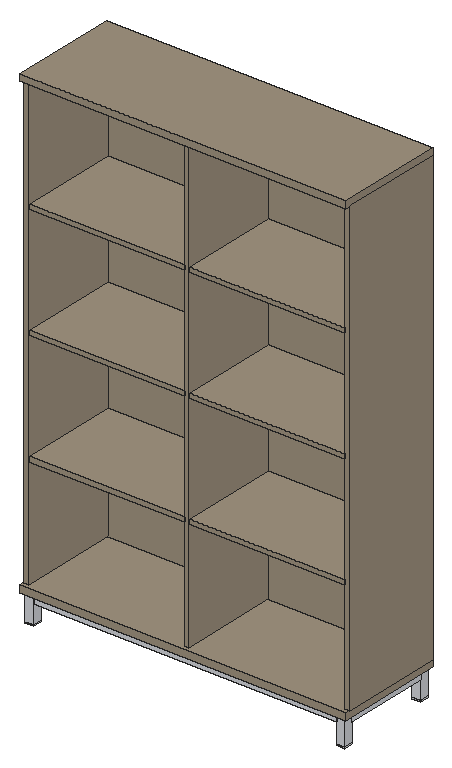
Revit family "Open Fronted Modular Storage With Wooden Door Options", category Furniture, Revit 2020
Family settings
  OmniClass Number = 23.40.20.00
  OmniClass Title = General Furniture and Specialties
  Work Plane-Based = No
  Always vertical = Yes
  Cut with Voids When Loaded = No
  Shared = No
  Room Calculation Point = No
Parameters (values of type "BOF18Z")
  Width = 1200 mm
  URL = "www.gof.co.uk"
  Shelves = Gresham - ELM
  Range = "STORAGE"
  Product Data Specification = ""
  Product Code = "BOF18Z"
  Product Brochure = ""
  Model = "BOOKCASE"
  Manufacturer = "Gresham Office Furniture"  # constant formula
  Height = 1816 mm
  HD4 - Level 1 [instance] = no
  HD3 - Level 1 [instance] = no
  HD2 - Level 3 [instance] = no
  HD2 - Level 1 [instance] = no
  HD1 - Level 4 [instance] = no
  HD1 - Level 3 [instance] = no
  HD1 - Level 2 [instance] = no
  HD1 - Level 1 [instance] = no
  Doors = Gresham - PLUM
  Default Elevation = 0 mm
  Carcass = Gresham - ELM
  Depth = 400 mm
  BOF18Z Shelves = yes
  BOF10Z Shelves = yes
  BOF14Z Shelves = yes
Reference planes
  plane 1 "Center (Front/Back)": y = 0
  plane 2: z = 0
  plane 3 "Center (Left/Right)": x = 0
  plane 4: x = -600
  plane 5: x = 600
  plane 6: y = 200
  plane 7 "Front": y = -200
  plane 8 "Storage Top": z = 1816
  plane 9: z = 1803.5
  plane 10 "Door Front": y = -182
  plane 11: z = 112.5
  plane 12: z = 1791
  plane 13: z = 1400
  plane 14: z = 984
  plane 15: z = 959
  plane 16: z = 1375
  plane 17: z = 125
  plane 18: z = 100
Forms (mm)
  Extrusion 1, solid, material "Gresham - ELM" <- "Carcass"
    sketch origin (0, -5.525, 5) x (-1, 0, 0) y (0, -1, 0)
      loop
        line (582, -205.525) -> (582, -187.525) -> (-582, -187.525) -> (-582, -205.525) -> (582, -205.525)
    from 120 to 1786
  Extrusion 2, solid, material "Gresham - ELM" <- "Carcass"
    sketch origin (0, 0, 0) x (1, 0, 0) y (0, 1, 0)
      loop
        line (-600, 200) -> (-600, -182) -> (-582, -182) -> (-582, 200) -> (-600, 200)
      loop
        line (600, 200) -> (582, 200) -> (582, -182) -> (600, -182) -> (600, 200)
    from 125 to 1791
  Extrusion 3, solid, material "Gresham - ELM" <- "Carcass"
    sketch origin (0, 7, -5) x (0, 1, 0) y (0, 0, 1)
      loop
        line (-207, 1796) -> (193, 1796) -> (193, 1821) -> (-207, 1821) -> (-207, 1796)
    from -600 to 600
  Extrusion 4, solid, material "Gresham - ELM" <- "Carcass"
    sketch origin (0, -6.874, 39) x (0, 1, 0) y (0, 0, 1)
      loop
        line (-193.126, 61) -> (206.874, 61) -> (206.874, 86) -> (-193.126, 86) -> (-193.126, 61)
    from -600 to 600
  Extrusion 5, solid, material "Gresham - ELM" <- "Carcass"
    sketch origin (-8.088, 0, 0) x (1, 0, 0) y (0, 1, 0)
      loop
        line (17.088, 182) -> (-0.912, 182) -> (-0.912, -182) -> (17.088, -182) -> (17.088, 182)
    from 125 to 1791
  Extrusion 6, solid, material "Gresham - ELM" <- "Shelves", visible <- "BOF10Z Shelves"
    sketch origin (0, -6, -27.312) x (0, 1, 0) y (0, 0, -1)
      loop
        line (188, -578.312) -> (188, -560.312) -> (-176, -560.312) -> (-176, -578.312) -> (188, -578.312)
    from -582 to -9
  Extrusion 7, solid, material "Gresham - ELM" <- "Shelves", visible <- "BOF10Z Shelves"
    sketch origin (0, -6, -27.312) x (0, 1, 0) y (0, 0, 1)
      loop
        line (188, 578.312) -> (-176, 578.312) -> (-176, 560.312) -> (188, 560.312) -> (188, 578.312)
    from -582 to -9
  Extrusion 8, solid, material "Gresham - ELM" <- "Shelves", visible <- "BOF14Z Shelves"
    sketch origin (0, -6, 667.022) x (0, 1, 0) y (0, 0, -1)
      loop
        line (188, -716.978) -> (188, -698.978) -> (-176, -698.978) -> (-176, -716.978) -> (188, -716.978)
    from -582 to -9
  Extrusion 9, solid, material "Gresham - ELM" <- "Shelves", visible <- "BOF14Z Shelves"
    sketch origin (0, -6, 667.022) x (0, 1, 0) y (0, 0, 1)
      loop
        line (188, 716.978) -> (-176, 716.978) -> (-176, 698.978) -> (188, 698.978) -> (188, 716.978)
    from -582 to -9
  Extrusion 10, solid, material "Gresham - ELM" <- "Shelves", visible <- "BOF14Z Shelves"
    sketch origin (0, -6, 389.188) x (0, 1, 0) y (0, 0, -1)
      loop
        line (188, -578.312) -> (188, -560.312) -> (-176, -560.312) -> (-176, -578.312) -> (188, -578.312)
    from -582 to -9
  Extrusion 11, solid, material "Gresham - ELM" <- "Shelves", visible <- "BOF14Z Shelves"
    sketch origin (0, -6, 389.188) x (0, 1, 0) y (0, 0, 1)
      loop
        line (188, 578.312) -> (-176, 578.312) -> (-176, 560.312) -> (188, 560.312) -> (188, 578.312)
    from -582 to -9
Dimensions and locks
  equal spacing: plane 4, plane 3 "Center (Left/Right)", plane 5
  "Width": plane 4 to plane 5
  equal spacing: plane 6, plane 1 "Center (Front/Back)", plane 7 "Front"
  locked: Extrusion 2 to Extrusion 2 at 18  (x2)
  Extrusion 3 sketch curve to Extrusion 3 sketch curve = 25 mm
  "Depth": plane 6 to plane 7 "Front"
  Extrusion 2 to plane 7 "Front" = 18 mm
  "Height": plane 8 "Storage Top" to plane 2
  locked: Extrusion 3 to Extrusion 3 at 25
  locked: Extrusion 1 to Extrusion 1 at 18
  locked: plane 8 "Storage Top" to plane 9 at 12.5
  equal spacing: Extrusion 5, plane 3 "Center (Left/Right)", Extrusion 5
  locked: Extrusion 5 to Extrusion 5 at 18
  locked: plane 10 "Door Front" to plane 7 "Front" at 18
  Extrusion 4 sketch curve to Extrusion 4 sketch curve = 25 mm
  equal spacing: Extrusion 4, plane 11, Extrusion 4
  locked: Extrusion 4 to Extrusion 4 at 25
  locked: plane 11 to level at 112.5
  locked: plane 8 "Storage Top" to plane 12 at 25
  plane 12 to plane 11 = 1678.5 mm  (x2)
  locked: plane 13 to level at 1400
  locked: plane 14 to level at 984
  locked: plane 14 to plane 15 at 25
  locked: plane 13 to plane 16 at 25
  locked: plane 17 to plane 18 at 25
  locked: Extrusion 6 to Extrusion 6 at 18  (x2)
  locked: Extrusion 7 to Extrusion 7 at 18  (x2)
  locked: Extrusion 8 to Extrusion 8 at 18  (x2)
  locked: Extrusion 9 to Extrusion 9 at 18  (x2)
  locked: Extrusion 10 to Extrusion 10 at 18  (x2)
  locked: Extrusion 11 to Extrusion 11 at 18  (x2)
  plane 12 to nested 7 = 4 mm
  aligned and locked: level to plane 2
  aligned and locked: Extrusion 2 to plane 5
  aligned and locked: Extrusion 2 to plane 4
  aligned and locked: Extrusion 2 to Extrusion 1
  aligned and locked: Extrusion 1 to Extrusion 2  (x3)
  aligned and locked: Extrusion 3 to plane 5
  aligned and locked: Extrusion 3 to plane 4
  aligned and locked: Extrusion 2 to Extrusion 3
  aligned and locked: Extrusion 3 to plane 7 "Front"
  aligned and locked: plane 8 "Storage Top" to Extrusion 3
  aligned and locked: plane 6 to Extrusion 3
  aligned and locked: plane 6 to Extrusion 2  (x2)
  aligned and locked: plane 6 to Extrusion 1
  aligned and locked: plane 6 to Extrusion 4
  aligned and locked: Extrusion 5 sketch curve to Extrusion 1
  aligned and locked: Extrusion 1 to Extrusion 5  (x2)
  aligned and locked: Extrusion 4 to plane 7 "Front"
Automatic sketch dimensions
  Extrusion 1 sketch curve to plane 6 = 0 mm
  plane 5 to Extrusion 1 sketch curve = 18 mm
  plane 4 to Extrusion 1 sketch curve = 18 mm
  Extrusion 1 sketch curve to Extrusion 1 sketch curve = 18 mm
  Extrusion 2 sketch curve to plane 4 = 0 mm
  Extrusion 2 sketch curve to plane 6 = 0 mm  (x2)
  plane 10 "Door Front" to Extrusion 2 sketch curve = 0 mm  (x2)
  Extrusion 2 sketch curve to plane 5 = 0 mm
  plane 4 to Extrusion 2 sketch curve = 18 mm
  plane 5 to Extrusion 2 sketch curve = 18 mm
  Extrusion 3 sketch curve to plane 7 "Front" = 0 mm
  Extrusion 3 sketch curve to plane 6 = 0 mm
  Extrusion 3 sketch curve to plane 12 = 0 mm
  Extrusion 4 sketch curve to plane 7 "Front" = 0 mm
  Extrusion 4 sketch curve to plane 6 = 0 mm
  Extrusion 4 sketch curve to plane 18 = 0 mm
  plane 10 "Door Front" to Extrusion 5 sketch curve = 0 mm
  Extrusion 5 sketch curve to plane 3 "Center (Left/Right)" = 9 mm
  plane 3 "Center (Left/Right)" to Extrusion 5 sketch curve = 9 mm
  Extrusion 6 sketch curve to plane 10 "Door Front" = 0 mm
  Extrusion 6 sketch curve to plane 6 = 18 mm
  Extrusion 6 sketch curve to plane 15 = 408 mm
  Extrusion 6 sketch curve to Extrusion 6 sketch curve = 18 mm
  Extrusion 7 sketch curve to plane 10 "Door Front" = 0 mm
  Extrusion 7 sketch curve to plane 6 = 18 mm
  plane 17 to Extrusion 7 sketch curve = 408 mm
  Extrusion 7 sketch curve to Extrusion 7 sketch curve = 18 mm
  Extrusion 8 sketch curve to plane 10 "Door Front" = 0 mm
  Extrusion 8 sketch curve to plane 6 = 18 mm
  Extrusion 8 sketch curve to plane 16 = 9 mm
  plane 16 to Extrusion 8 sketch curve = 9 mm
  Extrusion 9 sketch curve to plane 10 "Door Front" = 0 mm
  Extrusion 9 sketch curve to plane 6 = 18 mm
  plane 16 to Extrusion 9 sketch curve = 9 mm
  Extrusion 9 sketch curve to plane 16 = 9 mm
  Extrusion 10 sketch curve to plane 10 "Door Front" = 0 mm
  Extrusion 10 sketch curve to plane 6 = 18 mm
  plane 15 to Extrusion 10 sketch curve = 8.5 mm
  Extrusion 10 sketch curve to plane 15 = 9.5 mm
  Extrusion 11 sketch curve to plane 10 "Door Front" = 0 mm
  Extrusion 11 sketch curve to plane 6 = 18 mm
  Extrusion 11 sketch curve to plane 15 = 9.5 mm
  plane 15 to Extrusion 11 sketch curve = 8.5 mm
Nested families
  nested 1: "Modular Storage Frame" at (0, 0, 0), type "Modular Storage Frame"
  nested 2: "Hinged Locking Wooden Doors - HD1 - Level 1" at (0, 0, 0), visible <- "HD1 - Level 1", type "Hinged Locking Wooden Doors - HD1 - Level 1"
    with Handle Type D no, Handle Type C yes
  nested 3: "Hinged Locking Wooden Doors - HD1 - Level 3" at (0, 0, 0), type "Hinged Locking Wooden Doors - HD1 - Level 3", not visible
    with Handle Type D no, Handle Type C no, Handle Type B no
  nested 4: "Hinged Locking Wooden Doors - HD1 - Level 2" at (0, 0, 0), visible <- "HD1 - Level 2", type "Hinged Locking Wooden Doors - HD1 - Level 2"
    with Handle Type D no, Handle Type C yes, Handle Type B no
  nested 5: "Hinged Locking Wooden Doors - HD1 - Level 4" at (0, 0, 0), visible <- "HD1 - Level 4", type "Hinged Locking Wooden Doors - HD1 - Level 4"
    with Handle Type D no, Handle Type C yes, Handle Type B no
  nested 6: "Hinged Locking Wooden Doors - HD1 - Level 3" at (0, 0, 0), visible <- "HD1 - Level 3", type "Hinged Locking Wooden Doors - HD1 - Level 3"
    with Handle Type D no, Handle Type C yes, Handle Type B no
  nested 7: "Hinged Locking Wooden Doors - HD2 - Level 3" at (0, 0, 0), visible <- "HD2 - Level 3", type "Hinged Locking Wooden Doors - HD2 - Level 3"
    with Handle Type D no, Handle Type C yes, Handle Type B no
  nested 8: "Hinged Locking Wooden Doors - HD2 - Level 1" at (0, 0, 0), visible <- "HD2 - Level 1", type "Hinged Locking Wooden Doors - HD2 - Level 1"
  nested 9: "Hinged Locking Wooden Doors - HD3 - Level 1" at (0, 0, 0), visible <- "HD3 - Level 1", type "Hinged Locking Wooden Doors - HD3 - Level 1"
    with Handle Type D no, Handle Type C yes, Handle Type B no
  nested 10: "Hinged Locking Wooden Doors - HD4 - Level 1" at (0, 0, 0), visible <- "HD4 - Level 1", type "Hinged Locking Wooden Doors - HD4 - Level 1"
Definition of nested family "Modular Storage Frame"
  Parameters (values of type "Modular Storage Frame")
    Width = 1180 mm
    URL = "www.gof.co.uk"
    Frame = none
    Range = "STORAGE"
    Product Data Specification = ""
    Product Code = ""
    Product Brochure = ""
    Model = "MODULAR STORAGE"
    Manufacturer = "Gresham Office Furniture"  # constant formula
    Foot = none
    Depth = 380 mm
    Default Elevation = 0 mm
  Reference planes
    plane 1 "Center (Front/Back)": y = 0
    plane 2: z = 0
    plane 3 "Center (Left/Right)": x = 0
    plane 4: x = -590
    plane 5: x = 590
    plane 6: y = 190
    plane 7: y = -190
  Forms (mm)
    Extrusion 1, solid, material <- "Frame"
      sketch origin (76, -5.525, 0) x (-1, 0, 0) y (0, -1, 0)
        loop
          line (634, -195.525) -> (634, -170.525) -> (-482, -170.525) -> (-482, -195.525) -> (634, -195.525)
        loop
          line (634, 184.475) -> (-482, 184.475) -> (-482, 159.475) -> (634, 159.475) -> (634, 184.475)
        loop
          line (-514, -163.525) -> (-489, -163.525) -> (-489, 152.475) -> (-514, 152.475) -> (-514, -163.525)
        loop
          line (666, -163.525) -> (666, 152.475) -> (641, 152.475) -> (641, -163.525) -> (666, -163.525)
      from 75 to 100
    Extrusion 2, solid, material <- "Frame"
      sketch origin (0, 0, 0) x (1, 0, 0) y (0, 1, 0)
        loop
          line (590, -190) -> (590, -158) -> (558, -158) -> (558, -190) -> (590, -190)
        loop
          line (590, 190) -> (558, 190) -> (558, 158) -> (590, 158) -> (590, 190)
        loop
          line (-590, -190) -> (-558, -190) -> (-558, -158) -> (-590, -158) -> (-590, -190)
        loop
          line (-590, 190) -> (-590, 158) -> (-558, 158) -> (-558, 190) -> (-590, 190)
      from 5 to 100
    Extrusion 3, solid, material <- "Foot"
      sketch origin (0, 0, 0) x (1, 0, 0) y (0, 1, 0)
        loop
          line (590, 190) -> (558, 190) -> (558, 158) -> (590, 158) -> (590, 190)
        loop
          line (590, -158) -> (558, -158) -> (558, -190) -> (590, -190) -> (590, -158)
        loop
          line (-590, -190) -> (-558, -190) -> (-558, -158) -> (-590, -158) -> (-590, -190)
        loop
          line (-590, 190) -> (-590, 158) -> (-558, 158) -> (-558, 190) -> (-590, 190)
      from 0 to 5
  Dimensions and locks
    equal spacing: plane 4, plane 3 "Center (Left/Right)", plane 5
    "Width": plane 4 to plane 5
    equal spacing: plane 6, plane 1 "Center (Front/Back)", plane 7
    "Depth": plane 6 to plane 7
    Extrusion 2 sketch curve to Extrusion 2 sketch curve = 32 mm  (x7)
    locked: Extrusion 1 to Extrusion 1 at 25
    locked: Extrusion 2 to plane 5 at 32  (x2)
    locked: Extrusion 2 to Extrusion 2 at 32
    locked: plane 6 to Extrusion 2 at 32  (x2)
    locked: plane 4 to Extrusion 2 at 32  (x2)
    locked: Extrusion 2 to plane 7 at 32
    locked: Extrusion 1 to plane 5 at 25
    locked: plane 4 to Extrusion 1 at 25
    Extrusion 1 to plane 2 = 100 mm
    aligned and locked: level to plane 2
    aligned and locked: Extrusion 2 to Extrusion 1
    aligned and locked: plane 6 to Extrusion 1
    aligned and locked: Extrusion 1 sketch curve to Extrusion 2
    aligned and locked: Extrusion 2 to Extrusion 1 sketch curve
  Automatic sketch dimensions
    Extrusion 1 sketch curve to plane 5 = 0 mm
    Extrusion 1 sketch curve to plane 7 = 0 mm
    Extrusion 1 sketch curve to plane 4 = 0 mm
    Extrusion 1 sketch curve to plane 6 = 0 mm
    Extrusion 1 sketch curve to Extrusion 1 sketch curve = 7 mm  (x5)
    plane 4 to Extrusion 1 sketch curve = 32 mm
    Extrusion 1 sketch curve to Extrusion 1 sketch curve = 25 mm  (x2)
    plane 7 to Extrusion 1 sketch curve = 32 mm  (x2)
    Extrusion 3 sketch curve to plane 4 = 0 mm  (x2)
    Extrusion 3 sketch curve to plane 7 = 0 mm  (x2)
    Extrusion 3 sketch curve to plane 6 = 0 mm  (x2)
    Extrusion 3 sketch curve to plane 5 = 0 mm  (x2)
    Extrusion 3 sketch curve to Extrusion 3 sketch curve = 32 mm  (x5)
    plane 7 to Extrusion 3 sketch curve = 32 mm
    Extrusion 3 sketch curve to plane 6 = 32 mm  (x2)
    Extrusion 2 sketch curve to plane 4 = 0 mm  (x2)
    Extrusion 2 sketch curve to plane 6 = 0 mm  (x2)
    Extrusion 2 sketch curve to plane 7 = 0 mm  (x2)
    Extrusion 2 sketch curve to plane 5 = 0 mm  (x2)
    Extrusion 2 sketch curve to Extrusion 2 sketch curve = 32 mm
Definition of nested family "Hinged Locking Wooden Doors - HD1 - Level 1"
  Parameters (values of type "Hinged Locking Wooden Doors - HD1 - Level 1")
    Width = 1200 mm
    URL = "www.gof.co.uk"
    Shelves = none
    Range = "STORAGE"
    Product Data Specification = ""
    Product Code = "HD1"
    Product Brochure = ""
    Model = "BOOKCASE"
    Manufacturer = "Gresham Office Furniture"  # constant formula
    Height = 1816 mm
    Handle Type D [instance] = no
    Handle Type C [instance] = yes
    Handle Type B [instance] = no
    HD1 - Lock = yes
    Doors = none
    Default Elevation = 0 mm
    Carcass = none
    Depth = 400 mm
  Reference planes
    plane 1 "Center (Front/Back)": y = 0
    plane 2: z = 0
    plane 3 "Center (Left/Right)": x = 0
    plane 4: x = -600
    plane 5: x = 600
    plane 6: y = 200
    plane 7 "Front": y = -200
    plane 8 "Storage Top": z = 1816
    plane 9: z = 1803.5
    plane 10 "Door Front": y = -182
    plane 11: z = 112.5
    plane 12: z = 1791
    plane 13: z = 1400
    plane 14: z = 984
    plane 15: z = 959
    plane 16: z = 1375
    plane 17: z = 125
    plane 18: z = 100
  Forms (mm)
    Extrusion 1, solid, material <- "Doors", visible <- "HD1 - Lock"
      sketch origin (-839.743, -182, 703.9) x (1, 0, 0) y (0, 0, 1)
        loop
          line (840.743, -575.4) -> (1439.743, -575.4) -> (1439.743, -163.4) -> (840.743, -163.4) -> (840.743, -575.4)
      from 0 to 18
    Extrusion 2, solid, visible <- "HD1 - Lock"
      sketch origin (0, 0, 0) x (-1, 0, 0) y (0, 0, -1)
        loop
          circle (-43, -457) r 10
      from 200 to 202
    Extrusion 3, solid, material <- "Doors", visible <- "HD1 - Lock"
      sketch origin (839.743, -182, 703.9) x (-1, 0, 0) y (0, 0, -1)
        loop
          line (840.743, 575.4) -> (840.743, 163.4) -> (1439.743, 163.4) -> (1439.743, 575.4) -> (840.743, 575.4)
      from 0 to 18
    Extrusion 4, solid, visible <- "HD1 - Lock"
      sketch origin (0, 0, 0) x (1, 0, 0) y (0, 0, 1)
        loop
          circle (-43, 457) r 10
      from 200 to 202
  Dimensions and locks
    equal spacing: plane 4, plane 3 "Center (Left/Right)", plane 5
    "Width": plane 4 to plane 5
    equal spacing: plane 6, plane 1 "Center (Front/Back)", plane 7 "Front"
    "Depth": plane 6 to plane 7 "Front"
    "Height": plane 8 "Storage Top" to plane 2
    locked: plane 8 "Storage Top" to plane 9 at 12.5
    locked: plane 10 "Door Front" to plane 7 "Front" at 18
    locked: plane 11 to level at 112.5
    locked: plane 8 "Storage Top" to plane 12 at 25
    plane 12 to plane 11 = 1678.5 mm  (x2)
    locked: plane 13 to level at 1400
    locked: plane 14 to level at 984
    locked: plane 14 to plane 15 at 25
    locked: plane 13 to plane 16 at 25
    locked: plane 17 to plane 18 at 25
    locked: Extrusion 1 to Extrusion 1 at 412
    locked: Extrusion 1 to Extrusion 1 at 18
    locked: Extrusion 1 sketch curve to plane 3 "Center (Left/Right)" at 1
    locked: Extrusion 1 to nested 1 at 83.5
    locked: Extrusion 1 to nested 2 at 99
    locked: Extrusion 1 to nested 2 at 83.5
    locked: Extrusion 1 to nested 1 at 99
    locked: Extrusion 1 to nested 3 at 83.5
    locked: Extrusion 1 to nested 3 at 99
    locked: Extrusion 3 to Extrusion 3 at 412
    locked: Extrusion 3 to Extrusion 3 at 18
    locked: Extrusion 3 to nested 3 at 83.5
    locked: Extrusion 3 to nested 6 at 99
    locked: Extrusion 3 to nested 6 at 83.5
    locked: Extrusion 3 to nested 4 at 83.5
    locked: Extrusion 3 to nested 4 at 99
    locked: Extrusion 3 to nested 5 at 83.5
    locked: Extrusion 3 to nested 5 at 99
    locked: Extrusion 1 to plane 17 at 3.5
    aligned and locked: level to plane 2
    aligned and locked: Extrusion 2 sketch curve to nested 1
    aligned and locked: nested 6 to Extrusion 4 sketch curve
  Automatic sketch dimensions
    plane 5 to Extrusion 1 sketch curve = 0 mm
    plane 17 to Extrusion 1 sketch curve = 3.5 mm
    Extrusion 1 sketch curve to Extrusion 1 sketch curve = 412 mm
    Extrusion 2 sketch curve to plane 3 "Center (Left/Right)" = 43 mm
    Extrusion 3 sketch curve to plane 4 = 0 mm
    Extrusion 3 sketch curve to plane 3 "Center (Left/Right)" = 1 mm
    plane 17 to Extrusion 3 sketch curve = 415.5 mm
    plane 17 to Extrusion 3 sketch curve = 3.5 mm
    Extrusion 4 sketch curve to plane 3 "Center (Left/Right)" = 43 mm
    radius of Extrusion 2 sketch curve = 10 mm
    radius of Extrusion 4 sketch curve = 10 mm
  Nested families
    nested 1: "Handle Type C-1" at (175, -200, -524.138) x (-1, 0, 0) z (0, 0, 1), visible <- "Handle Type C", type "Handle Type C-1"
    nested 2: "Handle Type B-1" at (175, -200, -537.578) x (-1, 0, 0) z (0, 0, 1), visible <- "Handle Type B", type "Handle Type B-1"
    nested 3: "Handle Type D-1" at (175, -200, -537.578) x (-1, 0, 0) z (0, 0, 1), visible <- "Handle Type D", type "Handle Type D-1"
    nested 4: "Handle Type C-1" at (-175, -200, -524.138), visible <- "Handle Type C", type "Handle Type C-1"
    nested 5: "Handle Type B-1" at (-175, -200, -537.578), visible <- "Handle Type B", type "Handle Type B-1"
    nested 6: "Handle Type D-1" at (-175, -200, -537.578), visible <- "Handle Type D", type "Handle Type D-1"
  Definition of nested family "Handle Type C-1"
    Parameters (values of type "Handle Type C-1")
      URL = "www.gof.co.uk"
      Type Comments = ""
      Range = "STORAGE"
      Handle Type C = none
      Product Code = "Handle Type C"
      Model = ""
      Manufacturer = "Gresham Office Furniture"  # constant formula
      Default Elevation = 0 mm
      Assembly Code = "E2020200"
    Reference planes
      plane 1 "Center (Front/Back)": y = 0
      plane 2: z = 0
      plane 3 "Center (Left/Right)": x = 0
      plane 4: x = -475
      plane 5: x = 475
      plane 6 "Storage Top": z = 2007
      plane 7: y = 260
      plane 8: y = -260
    Forms (mm)
      Extrusion 1, void
        sketch origin (981.138, 0, 981.138) x (0, 1, 0) y (-1, 0, 0)
          loop
            line (0, 1072) -> (0, 884.5) -> (27.401, 884.5) -> (27.401, 1072) -> (0, 1072)
        from -12.204 to 11.22
      Sweep 2, solid, material <- "Handle Type C"
        path in 3D
          loop
            arc (-78.75, 3.75, 981.138) -> (0, -30, 981.138) -> (78.75, 3.75, 981.138) r 108.75
        profile origin (0, -30, 981.138) x (0, 1, 0) y (0, 0, 1)
          loop
            circle (0, 0) r 5
    Cuts and joins
      Extrusion 1 cuts Sweep 2
    Lines and regions (mm)
      model lines, detail levels coarse+medium
        curve 1: line (68, 0, 981.138) -> (-68, 0, 981.138)
      model lines, not visible, detail levels coarse+medium
        curve 2: line (0, 0, 986.138) -> (0, 0, 976.138)
      model lines, not visible
        curve 3: line (0, 0, 981.138) -> (0, -30, 981.138)
        curve 5: line (-75, 0, 976.138) -> (-75, 0, 986.138)
        curve 6: line (75, 0, 986.138) -> (75, 0, 976.138)
      sketch lines
        curve 4: arc (-78.75, 3.75, 981.138) -> (0, -30, 981.138) -> (78.75, 3.75, 981.138) r 108.75
    Dimensions and locks
      equal spacing: plane 4, plane 3 "Center (Left/Right)", plane 5
      locked: plane 4 to plane 5 at 950
      equal spacing: plane 7, plane 1 "Center (Front/Back)", plane 8
      locked: plane 7 to plane 8 at 520
      aligned and locked: level to plane 2
    Automatic sketch dimensions
      curve 3 to plane 1 "Center (Front/Back)" = 0 mm
      plane 1 "Center (Front/Back)" to curve 3 = 30 mm
      curve 2 to plane 3 "Center (Left/Right)" = 0 mm
      level to curve 2 = 976.138 mm
      curve 1 to plane 3 "Center (Left/Right)" = 68 mm
      curve 5 to curve 1 = 7 mm
      plane 3 "Center (Left/Right)" to curve 1 = 68 mm
      curve 1 to curve 6 = 7 mm
      curve 6 to curve 2 = 0 mm
      curve 5 to curve 2 = 0 mm
      curve 5 to curve 1 = 5 mm
      curve 1 to curve 6 = 5 mm
      curve 1 to curve 5 = 5 mm
      curve 2 to curve 2 = 10 mm
      plane 1 "Center (Front/Back)" to Extrusion 1 sketch curve = 0 mm
      Extrusion 1 sketch curve to plane 1 "Center (Front/Back)" = 27.401 mm
      plane 3 "Center (Left/Right)" to Extrusion 1 sketch curve = 96.638 mm
      Extrusion 1 sketch curve to plane 3 "Center (Left/Right)" = 90.862 mm
      Sweep 2 sketch curve to profile plane = 0 mm  (x2)
      level to curve 3 = 981.138 mm
      radius of Sweep 2 sketch curve = 5 mm
  Definition of nested family "Handle Type B-1"
    Parameters (values of type "Handle Type B-1")
      URL = "www.gof.co.uk"
      Type Comments = ""
      Range = "STORAGE"
      Handle Type B = none
      Product Code = "Handle Type B"
      Model = ""
      Manufacturer = "Gresham Office Furniture"  # constant formula
      Default Elevation = 0 mm
      Assembly Code = "E2020200"
    Reference planes
      plane 1 "Center (Front/Back)": y = 0
      plane 2: z = 0
      plane 3 "Center (Left/Right)": x = 0
      plane 4: x = -475
      plane 5: x = 475
      plane 6: y = 260
      plane 7: y = -260
    Forms (mm)
      Extrusion 1, void
        sketch origin (872.923, -128.373, 994.578) x (0, 1, 0) y (-1, 0, 0)
          loop
            line (71.667, 873.923) -> (71.667, 872.291) -> (97.075, 872.291) -> (97.075, 873.923) -> (71.667, 873.923)
        from -6 to 6
      Extrusion 2, solid
        sketch origin (988.138, 0, 994.578) x (0, 0, 1) y (-1, 0, 0)
          loop
            circle (0, 1063.138) r 4
          loop
            circle (0, 913.138) r 4
        from 0 to 10.354
      Sweep 3, solid
        path in 3D
          loop
            arc (-85, -5, 994.578) -> (0, -30, 994.578) -> (85, -5, 994.578) r 157
        profile origin (0, -30, 994.578) x (0, 1, 0) y (0, 0, 1)
          loop
            spline (0, 7.5) -> (-0.776, 7.244) -> (-1.5, 6.495) -> (-2.121, 5.303) -> (-2.598, 3.75) -> (-2.898, 1.941) -> (-3, 0) -> (-2.898, -1.941) -> (-2.598, -3.75) -> (-2.121, -5.303) -> (-1.5, -6.495) -> (-0.776, -7.244) -> (0, -7.5)
            spline (0, -7.5) -> (0.776, -7.244) -> (1.5, -6.495) -> (2.121, -5.303) -> (2.598, -3.75) -> (2.898, -1.941) -> (3, 0) -> (2.898, 1.941) -> (2.598, 3.75) -> (2.121, 5.303) -> (1.5, 6.495) -> (0.776, 7.244) -> (0, 7.5)
      Extrusion 4, void
        sketch origin (867.923, -128.373, 994.578) x (0, 1, 0) y (-1, 0, 0)
          loop
            line (71.667, 873.923) -> (71.667, 872.291) -> (97.075, 872.291) -> (97.075, 873.923) -> (71.667, 873.923)
        from -6 to 6
      Extrusion 5, void
        sketch origin (862.923, -128.373, 994.578) x (0, 1, 0) y (-1, 0, 0)
          loop
            line (71.667, 873.923) -> (71.667, 872.291) -> (98.373, 872.291) -> (98.373, 873.923) -> (71.667, 873.923)
        from -6 to 6
      Extrusion 6, void
        sketch origin (857.923, -128.373, 994.578) x (0, 1, 0) y (-1, 0, 0)
          loop
            line (71.667, 873.923) -> (71.667, 872.291) -> (98.373, 872.291) -> (98.373, 873.923) -> (71.667, 873.923)
        from -6 to 6
      Extrusion 7, void
        sketch origin (852.923, -128.373, 994.578) x (0, 1, 0) y (-1, 0, 0)
          loop
            line (71.667, 873.923) -> (71.667, 872.291) -> (98.842, 872.291) -> (98.842, 873.923) -> (71.667, 873.923)
        from -6 to 6
      Extrusion 8, void
        sketch origin (847.923, -128.373, 994.578) x (0, 1, 0) y (-1, 0, 0)
          loop
            line (71.667, 873.923) -> (71.667, 872.291) -> (99.385, 872.291) -> (99.385, 873.923) -> (71.667, 873.923)
        from -6 to 6
      Extrusion 9, void
        sketch origin (842.923, -128.373, 994.578) x (0, 1, 0) y (-1, 0, 0)
          loop
            line (71.667, 873.923) -> (71.667, 872.291) -> (100.2, 872.291) -> (100.2, 873.923) -> (71.667, 873.923)
        from -6 to 6
      Extrusion 10, void
        sketch origin (837.923, -128.373, 994.578) x (0, 1, 0) y (-1, 0, 0)
          loop
            line (71.667, 873.923) -> (71.667, 872.291) -> (100.984, 872.291) -> (100.984, 873.923) -> (71.667, 873.923)
        from -6 to 6
      Extrusion 11, void
        sketch origin (832.923, -128.373, 994.578) x (0, 1, 0) y (-1, 0, 0)
          loop
            line (71.667, 873.923) -> (71.667, 872.291) -> (102.35, 872.291) -> (102.35, 873.923) -> (71.667, 873.923)
        from -6 to 6
      Extrusion 12, void
        sketch origin (-867.923, -128.373, 994.578) x (0, 1, 0) y (-1, 0, 0)
          loop
            line (71.667, -873.923) -> (97.075, -873.923) -> (97.075, -872.291) -> (71.667, -872.291) -> (71.667, -873.923)
        from -6 to 6
      Extrusion 13, void
        sketch origin (-862.923, -128.373, 994.578) x (0, 1, 0) y (-1, 0, 0)
          loop
            line (71.667, -873.923) -> (98.373, -873.923) -> (98.373, -872.291) -> (71.667, -872.291) -> (71.667, -873.923)
        from -6 to 6
      Extrusion 14, void
        sketch origin (-857.923, -128.373, 994.578) x (0, 1, 0) y (-1, 0, 0)
          loop
            line (71.667, -873.923) -> (98.373, -873.923) -> (98.373, -872.291) -> (71.667, -872.291) -> (71.667, -873.923)
        from -6 to 6
      Extrusion 15, void
        sketch origin (-852.923, -128.373, 994.578) x (0, 1, 0) y (-1, 0, 0)
          loop
            line (71.667, -873.923) -> (98.842, -873.923) -> (98.842, -872.291) -> (71.667, -872.291) -> (71.667, -873.923)
        from -6 to 6
      Extrusion 16, void
        sketch origin (-847.923, -128.373, 994.578) x (0, 1, 0) y (-1, 0, 0)
          loop
            line (71.667, -873.923) -> (99.385, -873.923) -> (99.385, -872.291) -> (71.667, -872.291) -> (71.667, -873.923)
        from -6 to 6
      Extrusion 17, void
        sketch origin (-842.923, -128.373, 994.578) x (0, 1, 0) y (-1, 0, 0)
          loop
            line (71.667, -873.923) -> (100.2, -873.923) -> (100.2, -872.291) -> (71.667, -872.291) -> (71.667, -873.923)
        from -6 to 6
      Extrusion 18, void
        sketch origin (-837.923, -128.373, 994.578) x (0, 1, 0) y (-1, 0, 0)
          loop
            line (71.667, -873.923) -> (100.984, -873.923) -> (100.984, -872.291) -> (71.667, -872.291) -> (71.667, -873.923)
        from -6 to 6
      Extrusion 19, void
        sketch origin (-832.923, -128.373, 994.578) x (0, 1, 0) y (-1, 0, 0)
          loop
            line (71.667, -873.923) -> (102.35, -873.923) -> (102.35, -872.291) -> (71.667, -872.291) -> (71.667, -873.923)
        from -6 to 6
    Cuts and joins
      Extrusion 1, Extrusion 4, Extrusion 5, Extrusion 6, Extrusion 7, Extrusion 8, Extrusion 9, Extrusion 10, Extrusion 11, Extrusion 12, Extrusion 13, Extrusion 14, Extrusion 15, Extrusion 16, Extrusion 17, Extrusion 18, Extrusion 19 cuts Sweep 3
    Lines and regions (mm)
      model lines, not visible, detail levels coarse+medium
        curve 1: line (75, 0, 999.578) -> (75, 0, 989.578)
      model lines, not visible
        curve 2: line (-75, 0, 999.578) -> (-75, 0, 989.578)
        curve 4: line (0, 0, 994.578) -> (0, -30, 994.578)
        curve 6: line (0, 0, 999.578) -> (0, 0, 989.578)
      model lines
        curve 3: line (-75, 0, 994.578) -> (75, 0, 994.578)
      sketch lines
        curve 5: arc (-85, -5, 994.578) -> (0, -30, 994.578) -> (85, -5, 994.578) r 157
    Dimensions and locks
      equal spacing: plane 4, plane 3 "Center (Left/Right)", plane 5
      locked: plane 4 to plane 5 at 950
      equal spacing: plane 6, plane 1 "Center (Front/Back)", plane 7
      locked: plane 6 to plane 7 at 520
      aligned and locked: level to plane 2
    Automatic sketch dimensions
      curve 4 to curve 4 = 30 mm
      curve 6 to plane 3 "Center (Left/Right)" = 0 mm
      plane 3 "Center (Left/Right)" to curve 1 = 75 mm
      level to curve 1 = 989.578 mm
      curve 3 to plane 3 "Center (Left/Right)" = 75 mm
      curve 2 to curve 1 = 0 mm
      curve 6 to curve 1 = 0 mm
      curve 2 to curve 3 = 5 mm
      curve 6 to curve 6 = 10 mm
      curve 3 to curve 2 = 5 mm
      curve 3 to curve 1 = 5 mm
      plane 3 "Center (Left/Right)" to Extrusion 1 sketch curve = 0.632 mm
      plane 1 "Center (Front/Back)" to Extrusion 1 sketch curve = 56.707 mm
      Extrusion 1 sketch curve to Extrusion 1 sketch curve = 25.409 mm
      Extrusion 1 sketch curve to plane 3 "Center (Left/Right)" = 1 mm
      plane 3 "Center (Left/Right)" to Extrusion 2 sketch curve = 75 mm
      level to Extrusion 2 sketch curve = 994.578 mm
      Extrusion 2 sketch curve to plane 3 "Center (Left/Right)" = 75 mm
      Extrusion 2 sketch curve to Extrusion 2 sketch curve = 0 mm
      Sweep 3 sketch curve to profile plane = 0 mm  (x2)
      Sweep 3 sketch curve to Sweep 3 sketch curve = 7.5 mm
      Extrusion 4 sketch curve to plane 3 "Center (Left/Right)" = 4.368 mm
      plane 1 "Center (Front/Back)" to Extrusion 4 sketch curve = 56.707 mm
      Extrusion 4 sketch curve to Extrusion 4 sketch curve = 25.409 mm
      Extrusion 4 sketch curve to Extrusion 4 sketch curve = 1.632 mm
      Extrusion 5 sketch curve to plane 3 "Center (Left/Right)" = 9.368 mm
      plane 1 "Center (Front/Back)" to Extrusion 5 sketch curve = 56.707 mm
      Extrusion 5 sketch curve to Extrusion 5 sketch curve = 26.707 mm
      Extrusion 5 sketch curve to Extrusion 5 sketch curve = 1.632 mm
      Extrusion 6 sketch curve to plane 3 "Center (Left/Right)" = 14.368 mm
      plane 1 "Center (Front/Back)" to Extrusion 6 sketch curve = 56.707 mm
      Extrusion 6 sketch curve to Extrusion 6 sketch curve = 26.707 mm
      Extrusion 6 sketch curve to Extrusion 6 sketch curve = 1.632 mm
      Extrusion 7 sketch curve to plane 3 "Center (Left/Right)" = 19.368 mm
      plane 1 "Center (Front/Back)" to Extrusion 7 sketch curve = 56.707 mm
      Extrusion 7 sketch curve to Extrusion 7 sketch curve = 27.176 mm
      Extrusion 7 sketch curve to Extrusion 7 sketch curve = 1.632 mm
      Extrusion 8 sketch curve to plane 3 "Center (Left/Right)" = 24.368 mm
      plane 1 "Center (Front/Back)" to Extrusion 8 sketch curve = 56.707 mm
      Extrusion 8 sketch curve to Extrusion 8 sketch curve = 27.719 mm
      Extrusion 8 sketch curve to Extrusion 8 sketch curve = 1.632 mm
      plane 1 "Center (Front/Back)" to Extrusion 9 sketch curve = 56.707 mm
      plane 1 "Center (Front/Back)" to Extrusion 9 sketch curve = 28.173 mm
      Extrusion 9 sketch curve to plane 3 "Center (Left/Right)" = 29.368 mm
      Extrusion 9 sketch curve to Extrusion 9 sketch curve = 1.632 mm
      plane 1 "Center (Front/Back)" to Extrusion 10 sketch curve = 56.707 mm
      plane 1 "Center (Front/Back)" to Extrusion 10 sketch curve = 27.389 mm
      Extrusion 10 sketch curve to plane 3 "Center (Left/Right)" = 34.368 mm
      Extrusion 10 sketch curve to Extrusion 10 sketch curve = 1.632 mm
      plane 1 "Center (Front/Back)" to Extrusion 11 sketch curve = 56.707 mm
      plane 1 "Center (Front/Back)" to Extrusion 11 sketch curve = 26.024 mm
      Extrusion 11 sketch curve to plane 3 "Center (Left/Right)" = 39.368 mm
      Extrusion 11 sketch curve to Extrusion 11 sketch curve = 1.632 mm
      plane 3 "Center (Left/Right)" to Extrusion 12 sketch curve = 4.368 mm
      plane 1 "Center (Front/Back)" to Extrusion 12 sketch curve = 56.707 mm
      Extrusion 12 sketch curve to Extrusion 12 sketch curve = 25.409 mm
      Extrusion 12 sketch curve to Extrusion 12 sketch curve = 1.632 mm
      plane 3 "Center (Left/Right)" to Extrusion 13 sketch curve = 9.368 mm
      plane 1 "Center (Front/Back)" to Extrusion 13 sketch curve = 56.707 mm
      Extrusion 13 sketch curve to Extrusion 13 sketch curve = 26.707 mm
      Extrusion 13 sketch curve to Extrusion 13 sketch curve = 1.632 mm
      plane 3 "Center (Left/Right)" to Extrusion 14 sketch curve = 14.368 mm
      plane 1 "Center (Front/Back)" to Extrusion 14 sketch curve = 56.707 mm
      Extrusion 14 sketch curve to Extrusion 14 sketch curve = 26.707 mm
      Extrusion 14 sketch curve to Extrusion 14 sketch curve = 1.632 mm
      plane 3 "Center (Left/Right)" to Extrusion 15 sketch curve = 19.368 mm
      plane 1 "Center (Front/Back)" to Extrusion 15 sketch curve = 56.707 mm
      Extrusion 15 sketch curve to Extrusion 15 sketch curve = 27.176 mm
      Extrusion 15 sketch curve to Extrusion 15 sketch curve = 1.632 mm
      plane 3 "Center (Left/Right)" to Extrusion 16 sketch curve = 24.368 mm
      plane 1 "Center (Front/Back)" to Extrusion 16 sketch curve = 56.707 mm
      Extrusion 16 sketch curve to Extrusion 16 sketch curve = 27.719 mm
      Extrusion 16 sketch curve to Extrusion 16 sketch curve = 1.632 mm
      plane 1 "Center (Front/Back)" to Extrusion 17 sketch curve = 56.707 mm
      plane 1 "Center (Front/Back)" to Extrusion 17 sketch curve = 28.173 mm
      plane 3 "Center (Left/Right)" to Extrusion 17 sketch curve = 31 mm
      Extrusion 17 sketch curve to Extrusion 17 sketch curve = 1.632 mm
      plane 1 "Center (Front/Back)" to Extrusion 18 sketch curve = 56.707 mm
      plane 1 "Center (Front/Back)" to Extrusion 18 sketch curve = 27.389 mm
      plane 3 "Center (Left/Right)" to Extrusion 18 sketch curve = 36 mm
      Extrusion 18 sketch curve to Extrusion 18 sketch curve = 1.632 mm
      plane 1 "Center (Front/Back)" to Extrusion 19 sketch curve = 56.707 mm
      plane 1 "Center (Front/Back)" to Extrusion 19 sketch curve = 26.024 mm
      plane 3 "Center (Left/Right)" to Extrusion 19 sketch curve = 41 mm
      Extrusion 19 sketch curve to Extrusion 19 sketch curve = 1.632 mm
      curve 4 to plane 1 "Center (Front/Back)" = 0 mm
      level to curve 4 = 994.578 mm
      radius of Extrusion 2 sketch curve = 4 mm  (x2)
  Definition of nested family "Handle Type D-1"
    Parameters (values of type "Handle Type D-1")
      URL = "www.gof.co.uk"
      Type Comments = ""
      Range = "STORAGE"
      Handle Type D = none
      Product Code = "Handle Type D"
      Model = ""
      Manufacturer = "Gresham Office Furniture"  # constant formula
      Default Elevation = 0 mm
      Assembly Code = "E2020200"
    Reference planes
      plane 1 "Center (Front/Back)": y = 0
      plane 2: z = 0
      plane 3 "Center (Left/Right)": x = 0
      plane 4: x = -475
      plane 5: x = 475
      plane 6: y = 260
      plane 7: y = -260
    Forms (mm)
      Extrusion 1, solid
        sketch origin (994.578, 0, 994.578) x (0, 0, 1) y (0, 1, 0)
          loop
            line (5, 0) -> (-5, 0) -> (-5, -6.91)
            arc (-5, -6.91) -> (-7.006, -15.176) -> (0, -20) r 7.5
            arc (0, -20) -> (7.006, -15.176) -> (5, -6.91) r 7.5
            line (5, -6.91) -> (5, 0)
        from 919.578 to 1069.578
    Lines and regions (mm)
      model lines, not visible, detail levels coarse+medium
        curve 1: line (75, 0, 999.578) -> (75, 0, 989.578)
        curve 2: line (-75, 0, 999.578) -> (-75, 0, 989.578)
      model lines, detail levels coarse+medium
        curve 3: line (-75, 0, 994.578) -> (75, 0, 994.578)
      model lines, not visible
        curve 4: line (0, 0, 999.578) -> (0, 0, 989.578)
    Dimensions and locks
      aligned and locked: level to plane 2
Definition of nested family "Hinged Locking Wooden Doors - HD1 - Level 3"
  Parameters (values of type "Hinged Locking Wooden Doors - HD1 - Level 3")
    Width = 1200 mm
    URL = "www.gof.co.uk"
    Shelves = none
    Range = "STORAGE"
    Product Data Specification = ""
    Product Code = "HD1"
    Product Brochure = ""
    Model = "BOOKCASE"
    Manufacturer = "Gresham Office Furniture"  # constant formula
    Height = 1816 mm
    Handle Type D [instance] = no
    Handle Type C [instance] = yes
    Handle Type B [instance] = no
    HD1 - Lock = yes
    Doors = none
    Default Elevation = 0 mm
    Carcass = none
    Depth = 400 mm
  Reference planes
    plane 1 "Center (Front/Back)": y = 0
    plane 2: z = 0
    plane 3 "Center (Left/Right)": x = 0
    plane 4: x = -600
    plane 5: x = 600
    plane 6: y = 200
    plane 7 "Front": y = -200
    plane 8 "Storage Top": z = 1816
    plane 9: z = 1803.5
    plane 10 "Door Front": y = -182
    plane 11: z = 112.5
    plane 12: z = 1791
    plane 13: z = 1400
    plane 14: z = 984
    plane 15: z = 959
    plane 16: z = 1375
    plane 17: z = 125
    plane 18: z = 100
  Forms (mm)
    Extrusion 1, solid, material <- "Doors", visible <- "HD1 - Lock"
      sketch origin (-839.743, -182, 1534.9) x (1, 0, 0) y (0, 0, 1)
        loop
          line (840.743, -575.4) -> (1439.743, -575.4) -> (1439.743, -163.4) -> (840.743, -163.4) -> (840.743, -575.4)
      from 0 to 18
    Extrusion 2, solid, visible <- "HD1 - Lock"
      sketch origin (0, 0, 831) x (-1, 0, 0) y (0, 0, -1)
        loop
          circle (-43, -212.5) r 10
      from 200 to 202
    Extrusion 3, solid, material <- "Doors", visible <- "HD1 - Lock"
      sketch origin (839.743, -182, 1534.9) x (-1, 0, 0) y (0, 0, -1)
        loop
          line (840.743, 575.4) -> (840.743, 163.4) -> (1439.743, 163.4) -> (1439.743, 575.4) -> (840.743, 575.4)
      from 0 to 18
    Extrusion 4, solid, visible <- "HD1 - Lock"
      sketch origin (0, 0, 831) x (1, 0, 0) y (0, 0, 1)
        loop
          circle (-43, 212.5) r 10
      from 200 to 202
  Dimensions and locks
    equal spacing: plane 4, plane 3 "Center (Left/Right)", plane 5
    "Width": plane 4 to plane 5
    equal spacing: plane 6, plane 1 "Center (Front/Back)", plane 7 "Front"
    "Depth": plane 6 to plane 7 "Front"
    "Height": plane 8 "Storage Top" to plane 2
    locked: plane 8 "Storage Top" to plane 9 at 12.5
    locked: plane 10 "Door Front" to plane 7 "Front" at 18
    locked: plane 11 to level at 112.5
    locked: plane 8 "Storage Top" to plane 12 at 25
    plane 12 to plane 11 = 1678.5 mm  (x2)
    locked: plane 13 to level at 1400
    locked: plane 14 to level at 984
    locked: plane 14 to plane 15 at 25
    locked: plane 13 to plane 16 at 25
    locked: plane 17 to plane 18 at 25
    locked: Extrusion 1 to Extrusion 1 at 412
    locked: Extrusion 1 to Extrusion 1 at 18
    locked: nested 1 to Extrusion 1 at 84
    locked: nested 3 to Extrusion 1 at 84
    locked: nested 2 to Extrusion 1 at 84
    locked: Extrusion 1 to nested 2 at 99
    locked: Extrusion 1 to nested 1 at 99
    locked: Extrusion 1 to nested 3 at 99
    locked: Extrusion 3 to Extrusion 3 at 412
    locked: Extrusion 3 to Extrusion 3 at 18
    locked: nested 6 to Extrusion 3 at 84
    locked: Extrusion 3 to nested 6 at 99
    locked: nested 4 to Extrusion 3 at 84
    locked: Extrusion 3 to nested 4 at 99
    locked: Extrusion 3 to nested 5 at 99
    locked: nested 5 to Extrusion 3 at 84
    plane 16 to Extrusion 1 = 3.5 mm
    aligned and locked: level to plane 2
    aligned and locked: nested 6 to Extrusion 4 sketch curve
  Automatic sketch dimensions
    plane 5 to Extrusion 1 sketch curve = 0 mm
    plane 3 "Center (Left/Right)" to Extrusion 1 sketch curve = 1 mm
    plane 15 to Extrusion 1 sketch curve = 0.5 mm
    plane 16 to Extrusion 1 sketch curve = 3.5 mm
    plane 3 "Center (Left/Right)" to Extrusion 2 sketch curve = 43 mm
    Extrusion 2 sketch curve to plane 14 = 59.5 mm
    Extrusion 3 sketch curve to plane 4 = 0 mm
    Extrusion 3 sketch curve to plane 3 "Center (Left/Right)" = 1 mm
    plane 16 to Extrusion 3 sketch curve = 3.5 mm
    plane 15 to Extrusion 3 sketch curve = 0.5 mm
    Extrusion 4 sketch curve to plane 3 "Center (Left/Right)" = 43 mm
    radius of Extrusion 2 sketch curve = 10 mm
    radius of Extrusion 4 sketch curve = 10 mm
  Nested families
    nested 1: "Handle Type C-1" at (175, -200, 62.362) x (-1, 0, 0) z (0, 0, 1), visible <- "Handle Type C", type "Handle Type C-1"
    nested 2: "Handle Type B-1" at (175, -200, 48.922) x (-1, 0, 0) z (0, 0, 1), visible <- "Handle Type B", type "Handle Type B-1"
    nested 3: "Handle Type D-1" at (175, -200, 48.922) x (-1, 0, 0) z (0, 0, 1), visible <- "Handle Type D", type "Handle Type D-1"
    nested 4: "Handle Type C-1" at (-175, -200, 62.362), visible <- "Handle Type C", type "Handle Type C-1"
    nested 5: "Handle Type B-1" at (-175, -200, 48.922), visible <- "Handle Type B", type "Handle Type B-1"
    nested 6: "Handle Type D-1" at (-175, -200, 48.922), visible <- "Handle Type D", type "Handle Type D-1"
  Definition of nested family "Handle Type C-1"
    Parameters (values of type "Handle Type C-1")
      URL = "www.gof.co.uk"
      Type Comments = ""
      Range = "STORAGE"
      Handle Type C = none
      Product Code = "Handle Type C"
      Model = ""
      Manufacturer = "Gresham Office Furniture"  # constant formula
      Default Elevation = 0 mm
      Assembly Code = "E2020200"
    Reference planes
      plane 1 "Center (Front/Back)": y = 0
      plane 2: z = 0
      plane 3 "Center (Left/Right)": x = 0
      plane 4: x = -475
      plane 5: x = 475
      plane 6 "Storage Top": z = 2007
      plane 7: y = 260
      plane 8: y = -260
    Forms (mm)
      Extrusion 1, void
        sketch origin (981.138, 0, 981.138) x (0, 1, 0) y (-1, 0, 0)
          loop
            line (0, 1072) -> (0, 884.5) -> (27.401, 884.5) -> (27.401, 1072) -> (0, 1072)
        from -12.204 to 11.22
      Sweep 2, solid, material <- "Handle Type C"
        path in 3D
          loop
            arc (-78.75, 3.75, 981.138) -> (0, -30, 981.138) -> (78.75, 3.75, 981.138) r 108.75
        profile origin (0, -30, 981.138) x (0, 1, 0) y (0, 0, 1)
          loop
            circle (0, 0) r 5
    Cuts and joins
      Extrusion 1 cuts Sweep 2
    Lines and regions (mm)
      model lines, detail levels coarse+medium
        curve 1: line (68, 0, 981.138) -> (-68, 0, 981.138)
      model lines, not visible, detail levels coarse+medium
        curve 2: line (0, 0, 986.138) -> (0, 0, 976.138)
      model lines, not visible
        curve 3: line (0, 0, 981.138) -> (0, -30, 981.138)
        curve 5: line (-75, 0, 976.138) -> (-75, 0, 986.138)
        curve 6: line (75, 0, 986.138) -> (75, 0, 976.138)
      sketch lines
        curve 4: arc (-78.75, 3.75, 981.138) -> (0, -30, 981.138) -> (78.75, 3.75, 981.138) r 108.75
    Dimensions and locks
      equal spacing: plane 4, plane 3 "Center (Left/Right)", plane 5
      locked: plane 4 to plane 5 at 950
      equal spacing: plane 7, plane 1 "Center (Front/Back)", plane 8
      locked: plane 7 to plane 8 at 520
      aligned and locked: level to plane 2
    Automatic sketch dimensions
      curve 3 to plane 1 "Center (Front/Back)" = 0 mm
      plane 1 "Center (Front/Back)" to curve 3 = 30 mm
      curve 2 to plane 3 "Center (Left/Right)" = 0 mm
      level to curve 2 = 976.138 mm
      curve 1 to plane 3 "Center (Left/Right)" = 68 mm
      curve 5 to curve 1 = 7 mm
      plane 3 "Center (Left/Right)" to curve 1 = 68 mm
      curve 1 to curve 6 = 7 mm
      curve 6 to curve 2 = 0 mm
      curve 5 to curve 2 = 0 mm
      curve 5 to curve 1 = 5 mm
      curve 1 to curve 6 = 5 mm
      curve 1 to curve 5 = 5 mm
      curve 2 to curve 2 = 10 mm
      plane 1 "Center (Front/Back)" to Extrusion 1 sketch curve = 0 mm
      Extrusion 1 sketch curve to plane 1 "Center (Front/Back)" = 27.401 mm
      plane 3 "Center (Left/Right)" to Extrusion 1 sketch curve = 96.638 mm
      Extrusion 1 sketch curve to plane 3 "Center (Left/Right)" = 90.862 mm
      Sweep 2 sketch curve to profile plane = 0 mm  (x2)
      level to curve 3 = 981.138 mm
      radius of Sweep 2 sketch curve = 5 mm
  Definition of nested family "Handle Type B-1"
    Parameters (values of type "Handle Type B-1")
      URL = "www.gof.co.uk"
      Type Comments = ""
      Range = "STORAGE"
      Handle Type B = none
      Product Code = "Handle Type B"
      Model = ""
      Manufacturer = "Gresham Office Furniture"  # constant formula
      Default Elevation = 0 mm
      Assembly Code = "E2020200"
    Reference planes
      plane 1 "Center (Front/Back)": y = 0
      plane 2: z = 0
      plane 3 "Center (Left/Right)": x = 0
      plane 4: x = -475
      plane 5: x = 475
      plane 6: y = 260
      plane 7: y = -260
    Forms (mm)
      Extrusion 1, void
        sketch origin (872.923, -128.373, 994.578) x (0, 1, 0) y (-1, 0, 0)
          loop
            line (71.667, 873.923) -> (71.667, 872.291) -> (97.075, 872.291) -> (97.075, 873.923) -> (71.667, 873.923)
        from -6 to 6
      Extrusion 2, solid
        sketch origin (988.138, 0, 994.578) x (0, 0, 1) y (-1, 0, 0)
          loop
            circle (0, 1063.138) r 4
          loop
            circle (0, 913.138) r 4
        from 0 to 10.354
      Sweep 3, solid
        path in 3D
          loop
            arc (-85, -5, 994.578) -> (0, -30, 994.578) -> (85, -5, 994.578) r 157
        profile origin (0, -30, 994.578) x (0, 1, 0) y (0, 0, 1)
          loop
            spline (0, 7.5) -> (-0.776, 7.244) -> (-1.5, 6.495) -> (-2.121, 5.303) -> (-2.598, 3.75) -> (-2.898, 1.941) -> (-3, 0) -> (-2.898, -1.941) -> (-2.598, -3.75) -> (-2.121, -5.303) -> (-1.5, -6.495) -> (-0.776, -7.244) -> (0, -7.5)
            spline (0, -7.5) -> (0.776, -7.244) -> (1.5, -6.495) -> (2.121, -5.303) -> (2.598, -3.75) -> (2.898, -1.941) -> (3, 0) -> (2.898, 1.941) -> (2.598, 3.75) -> (2.121, 5.303) -> (1.5, 6.495) -> (0.776, 7.244) -> (0, 7.5)
      Extrusion 4, void
        sketch origin (867.923, -128.373, 994.578) x (0, 1, 0) y (-1, 0, 0)
          loop
            line (71.667, 873.923) -> (71.667, 872.291) -> (97.075, 872.291) -> (97.075, 873.923) -> (71.667, 873.923)
        from -6 to 6
      Extrusion 5, void
        sketch origin (862.923, -128.373, 994.578) x (0, 1, 0) y (-1, 0, 0)
          loop
            line (71.667, 873.923) -> (71.667, 872.291) -> (98.373, 872.291) -> (98.373, 873.923) -> (71.667, 873.923)
        from -6 to 6
      Extrusion 6, void
        sketch origin (857.923, -128.373, 994.578) x (0, 1, 0) y (-1, 0, 0)
          loop
            line (71.667, 873.923) -> (71.667, 872.291) -> (98.373, 872.291) -> (98.373, 873.923) -> (71.667, 873.923)
        from -6 to 6
      Extrusion 7, void
        sketch origin (852.923, -128.373, 994.578) x (0, 1, 0) y (-1, 0, 0)
          loop
            line (71.667, 873.923) -> (71.667, 872.291) -> (98.842, 872.291) -> (98.842, 873.923) -> (71.667, 873.923)
        from -6 to 6
      Extrusion 8, void
        sketch origin (847.923, -128.373, 994.578) x (0, 1, 0) y (-1, 0, 0)
          loop
            line (71.667, 873.923) -> (71.667, 872.291) -> (99.385, 872.291) -> (99.385, 873.923) -> (71.667, 873.923)
        from -6 to 6
      Extrusion 9, void
        sketch origin (842.923, -128.373, 994.578) x (0, 1, 0) y (-1, 0, 0)
          loop
            line (71.667, 873.923) -> (71.667, 872.291) -> (100.2, 872.291) -> (100.2, 873.923) -> (71.667, 873.923)
        from -6 to 6
      Extrusion 10, void
        sketch origin (837.923, -128.373, 994.578) x (0, 1, 0) y (-1, 0, 0)
          loop
            line (71.667, 873.923) -> (71.667, 872.291) -> (100.984, 872.291) -> (100.984, 873.923) -> (71.667, 873.923)
        from -6 to 6
      Extrusion 11, void
        sketch origin (832.923, -128.373, 994.578) x (0, 1, 0) y (-1, 0, 0)
          loop
            line (71.667, 873.923) -> (71.667, 872.291) -> (102.35, 872.291) -> (102.35, 873.923) -> (71.667, 873.923)
        from -6 to 6
      Extrusion 12, void
        sketch origin (-867.923, -128.373, 994.578) x (0, 1, 0) y (-1, 0, 0)
          loop
            line (71.667, -873.923) -> (97.075, -873.923) -> (97.075, -872.291) -> (71.667, -872.291) -> (71.667, -873.923)
        from -6 to 6
      Extrusion 13, void
        sketch origin (-862.923, -128.373, 994.578) x (0, 1, 0) y (-1, 0, 0)
          loop
            line (71.667, -873.923) -> (98.373, -873.923) -> (98.373, -872.291) -> (71.667, -872.291) -> (71.667, -873.923)
        from -6 to 6
      Extrusion 14, void
        sketch origin (-857.923, -128.373, 994.578) x (0, 1, 0) y (-1, 0, 0)
          loop
            line (71.667, -873.923) -> (98.373, -873.923) -> (98.373, -872.291) -> (71.667, -872.291) -> (71.667, -873.923)
        from -6 to 6
      Extrusion 15, void
        sketch origin (-852.923, -128.373, 994.578) x (0, 1, 0) y (-1, 0, 0)
          loop
            line (71.667, -873.923) -> (98.842, -873.923) -> (98.842, -872.291) -> (71.667, -872.291) -> (71.667, -873.923)
        from -6 to 6
      Extrusion 16, void
        sketch origin (-847.923, -128.373, 994.578) x (0, 1, 0) y (-1, 0, 0)
          loop
            line (71.667, -873.923) -> (99.385, -873.923) -> (99.385, -872.291) -> (71.667, -872.291) -> (71.667, -873.923)
        from -6 to 6
      Extrusion 17, void
        sketch origin (-842.923, -128.373, 994.578) x (0, 1, 0) y (-1, 0, 0)
          loop
            line (71.667, -873.923) -> (100.2, -873.923) -> (100.2, -872.291) -> (71.667, -872.291) -> (71.667, -873.923)
        from -6 to 6
      Extrusion 18, void
        sketch origin (-837.923, -128.373, 994.578) x (0, 1, 0) y (-1, 0, 0)
          loop
            line (71.667, -873.923) -> (100.984, -873.923) -> (100.984, -872.291) -> (71.667, -872.291) -> (71.667, -873.923)
        from -6 to 6
      Extrusion 19, void
        sketch origin (-832.923, -128.373, 994.578) x (0, 1, 0) y (-1, 0, 0)
          loop
            line (71.667, -873.923) -> (102.35, -873.923) -> (102.35, -872.291) -> (71.667, -872.291) -> (71.667, -873.923)
        from -6 to 6
    Cuts and joins
      Extrusion 1, Extrusion 4, Extrusion 5, Extrusion 6, Extrusion 7, Extrusion 8, Extrusion 9, Extrusion 10, Extrusion 11, Extrusion 12, Extrusion 13, Extrusion 14, Extrusion 15, Extrusion 16, Extrusion 17, Extrusion 18, Extrusion 19 cuts Sweep 3
    Lines and regions (mm)
      model lines, not visible, detail levels coarse+medium
        curve 1: line (75, 0, 999.578) -> (75, 0, 989.578)
      model lines, not visible
        curve 2: line (-75, 0, 999.578) -> (-75, 0, 989.578)
        curve 4: line (0, 0, 994.578) -> (0, -30, 994.578)
        curve 6: line (0, 0, 999.578) -> (0, 0, 989.578)
      model lines
        curve 3: line (-75, 0, 994.578) -> (75, 0, 994.578)
      sketch lines
        curve 5: arc (-85, -5, 994.578) -> (0, -30, 994.578) -> (85, -5, 994.578) r 157
    Dimensions and locks
      equal spacing: plane 4, plane 3 "Center (Left/Right)", plane 5
      locked: plane 4 to plane 5 at 950
      equal spacing: plane 6, plane 1 "Center (Front/Back)", plane 7
      locked: plane 6 to plane 7 at 520
      aligned and locked: level to plane 2
    Automatic sketch dimensions
      curve 4 to curve 4 = 30 mm
      curve 6 to plane 3 "Center (Left/Right)" = 0 mm
      plane 3 "Center (Left/Right)" to curve 1 = 75 mm
      level to curve 1 = 989.578 mm
      curve 3 to plane 3 "Center (Left/Right)" = 75 mm
      curve 2 to curve 1 = 0 mm
      curve 6 to curve 1 = 0 mm
      curve 2 to curve 3 = 5 mm
      curve 6 to curve 6 = 10 mm
      curve 3 to curve 2 = 5 mm
      curve 3 to curve 1 = 5 mm
      plane 3 "Center (Left/Right)" to Extrusion 1 sketch curve = 0.632 mm
      plane 1 "Center (Front/Back)" to Extrusion 1 sketch curve = 56.707 mm
      Extrusion 1 sketch curve to Extrusion 1 sketch curve = 25.409 mm
      Extrusion 1 sketch curve to plane 3 "Center (Left/Right)" = 1 mm
      plane 3 "Center (Left/Right)" to Extrusion 2 sketch curve = 75 mm
      level to Extrusion 2 sketch curve = 994.578 mm
      Extrusion 2 sketch curve to plane 3 "Center (Left/Right)" = 75 mm
      Extrusion 2 sketch curve to Extrusion 2 sketch curve = 0 mm
      Sweep 3 sketch curve to profile plane = 0 mm  (x2)
      Sweep 3 sketch curve to Sweep 3 sketch curve = 7.5 mm
      Extrusion 4 sketch curve to plane 3 "Center (Left/Right)" = 4.368 mm
      plane 1 "Center (Front/Back)" to Extrusion 4 sketch curve = 56.707 mm
      Extrusion 4 sketch curve to Extrusion 4 sketch curve = 25.409 mm
      Extrusion 4 sketch curve to Extrusion 4 sketch curve = 1.632 mm
      Extrusion 5 sketch curve to plane 3 "Center (Left/Right)" = 9.368 mm
      plane 1 "Center (Front/Back)" to Extrusion 5 sketch curve = 56.707 mm
      Extrusion 5 sketch curve to Extrusion 5 sketch curve = 26.707 mm
      Extrusion 5 sketch curve to Extrusion 5 sketch curve = 1.632 mm
      Extrusion 6 sketch curve to plane 3 "Center (Left/Right)" = 14.368 mm
      plane 1 "Center (Front/Back)" to Extrusion 6 sketch curve = 56.707 mm
      Extrusion 6 sketch curve to Extrusion 6 sketch curve = 26.707 mm
      Extrusion 6 sketch curve to Extrusion 6 sketch curve = 1.632 mm
      Extrusion 7 sketch curve to plane 3 "Center (Left/Right)" = 19.368 mm
      plane 1 "Center (Front/Back)" to Extrusion 7 sketch curve = 56.707 mm
      Extrusion 7 sketch curve to Extrusion 7 sketch curve = 27.176 mm
      Extrusion 7 sketch curve to Extrusion 7 sketch curve = 1.632 mm
      Extrusion 8 sketch curve to plane 3 "Center (Left/Right)" = 24.368 mm
      plane 1 "Center (Front/Back)" to Extrusion 8 sketch curve = 56.707 mm
      Extrusion 8 sketch curve to Extrusion 8 sketch curve = 27.719 mm
      Extrusion 8 sketch curve to Extrusion 8 sketch curve = 1.632 mm
      plane 1 "Center (Front/Back)" to Extrusion 9 sketch curve = 56.707 mm
      plane 1 "Center (Front/Back)" to Extrusion 9 sketch curve = 28.173 mm
      Extrusion 9 sketch curve to plane 3 "Center (Left/Right)" = 29.368 mm
      Extrusion 9 sketch curve to Extrusion 9 sketch curve = 1.632 mm
      plane 1 "Center (Front/Back)" to Extrusion 10 sketch curve = 56.707 mm
      plane 1 "Center (Front/Back)" to Extrusion 10 sketch curve = 27.389 mm
      Extrusion 10 sketch curve to plane 3 "Center (Left/Right)" = 34.368 mm
      Extrusion 10 sketch curve to Extrusion 10 sketch curve = 1.632 mm
      plane 1 "Center (Front/Back)" to Extrusion 11 sketch curve = 56.707 mm
      plane 1 "Center (Front/Back)" to Extrusion 11 sketch curve = 26.024 mm
      Extrusion 11 sketch curve to plane 3 "Center (Left/Right)" = 39.368 mm
      Extrusion 11 sketch curve to Extrusion 11 sketch curve = 1.632 mm
      plane 3 "Center (Left/Right)" to Extrusion 12 sketch curve = 4.368 mm
      plane 1 "Center (Front/Back)" to Extrusion 12 sketch curve = 56.707 mm
      Extrusion 12 sketch curve to Extrusion 12 sketch curve = 25.409 mm
      Extrusion 12 sketch curve to Extrusion 12 sketch curve = 1.632 mm
      plane 3 "Center (Left/Right)" to Extrusion 13 sketch curve = 9.368 mm
      plane 1 "Center (Front/Back)" to Extrusion 13 sketch curve = 56.707 mm
      Extrusion 13 sketch curve to Extrusion 13 sketch curve = 26.707 mm
      Extrusion 13 sketch curve to Extrusion 13 sketch curve = 1.632 mm
      plane 3 "Center (Left/Right)" to Extrusion 14 sketch curve = 14.368 mm
      plane 1 "Center (Front/Back)" to Extrusion 14 sketch curve = 56.707 mm
      Extrusion 14 sketch curve to Extrusion 14 sketch curve = 26.707 mm
      Extrusion 14 sketch curve to Extrusion 14 sketch curve = 1.632 mm
      plane 3 "Center (Left/Right)" to Extrusion 15 sketch curve = 19.368 mm
      plane 1 "Center (Front/Back)" to Extrusion 15 sketch curve = 56.707 mm
      Extrusion 15 sketch curve to Extrusion 15 sketch curve = 27.176 mm
      Extrusion 15 sketch curve to Extrusion 15 sketch curve = 1.632 mm
      plane 3 "Center (Left/Right)" to Extrusion 16 sketch curve = 24.368 mm
      plane 1 "Center (Front/Back)" to Extrusion 16 sketch curve = 56.707 mm
      Extrusion 16 sketch curve to Extrusion 16 sketch curve = 27.719 mm
      Extrusion 16 sketch curve to Extrusion 16 sketch curve = 1.632 mm
      plane 1 "Center (Front/Back)" to Extrusion 17 sketch curve = 56.707 mm
      plane 1 "Center (Front/Back)" to Extrusion 17 sketch curve = 28.173 mm
      plane 3 "Center (Left/Right)" to Extrusion 17 sketch curve = 31 mm
      Extrusion 17 sketch curve to Extrusion 17 sketch curve = 1.632 mm
